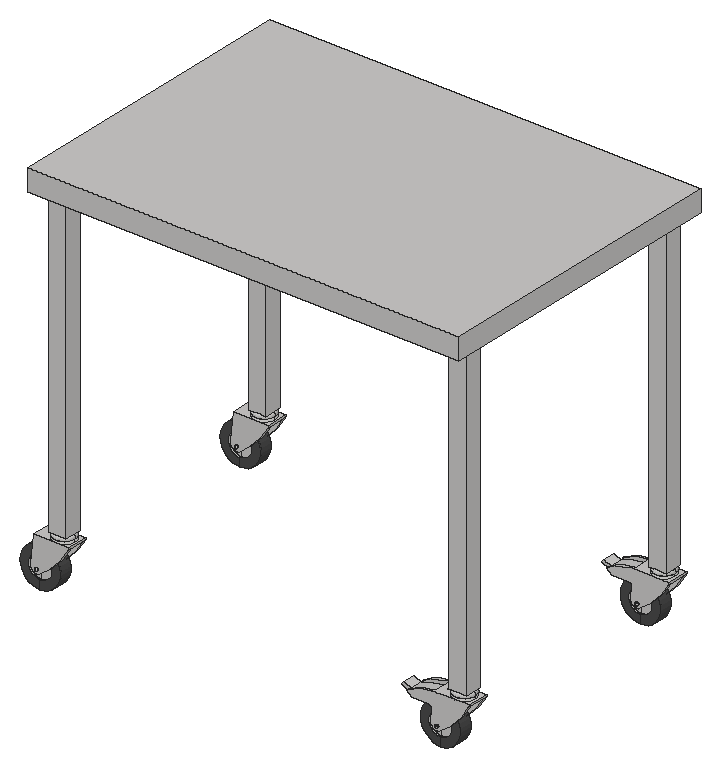
Revit family "QF_ELECTROLUXPROFESSIONAL_133241_TG1000MN", category Attrezzature speciali, Revit 2020
Family settings
  Quota connettore circolare = Usa diametro
  Tipo di parte = Normale
  Basato su piano di lavoro = No
  Sempre verticale = Sì
  Taglio con vuoti quando caricato = No
  Condiviso = No
  Punto di calcolo locali = No
Parameters (values of type "Standard")
  Weight = 35.00 kg
  Watts = 0 W
  Volts = 0 V
  URL Manufacturer = "https://www.electroluxprofessional.com/"
  URL = "https://www.electroluxprofessional.com/"
  Steam Supply Size = 0 mm
  Steam Supply Minimum Pressure = 0.0 Pa
  Steam Supply Maximum Pressure = 0.0 Pa
  Steam Consumption per Hour = 0
  Refrigeration Suction Line Size = 0.0 mm
  Refrigeration Liquid Line Size = 0.0 mm
  Refrigerant Compressor Remote = yes
  Prospetto di default = 0.0 mm
  Produttore = "Electrolux Professional"
  Phase = 0
  Modello = "TG1000MN"
  Length Actual = 1000.0 mm  # constant formula
  Item Number = "133241"
  Hot Water Size = 0 mm
  Height Actual = 900.0 mm  # constant formula
  HP = "0 HP"
  Gas Size = 0 mm
  Gas KW = 0
  Gas Input Pressure = 0 W
  Direct Waste Size = 0 mm
  Descrizione = "WORK TABLE ON WHEELS 1000 MM"
  Depth Actual = 700.0 mm  # constant formula
  Cycle = 0 Hz
  Condensate Return Size = 0 mm
  Compressed Air Volume = 0.0 L/s
  Compressed Air Size = 0 mm
  Compressed Air Pressure = 0.0 Pa
  Cold Water Size = 0 mm
  Accessory = yes
Reference planes
  plane 1 "Center (Front/Back)": y = 0
  plane 2: z = 0
  plane 3 "Center (Left/Right)": x = 100
  plane 4 "LEFT": x = -400
  plane 5 "RIGHT": x = 600
  plane 6 "BACK": y = 350
  plane 7 "FRONT": y = -350
  plane 8 "Base": z = 850
  plane 9 "TOP": z = 900
  plane 10: x = -364.5
  plane 11: x = 564.5
  plane 12: y = 290
  plane 13: y = -290
Forms (mm)
  Extrusion 1, solid, material "QF_Finishes_Stainless Steel"
    sketch origin (0, 0, 900) x (0, 1, 0) y (-1, 0, 0)
      loop
        line (350, 400) -> (-350, 400) -> (-350, -600) -> (350, -600) -> (350, 400)
    from 0 to -50
  Extrusion 2, solid, material "QF_Finishes_Stainless Steel"
    sketch origin (100, 0, 0) x (0, 1, 0) y (0, 0, 1)
      loop
        line (350, 900) -> (-350, 900) -> (-350, 850) -> (350, 850) -> (350, 900)
    from 500 to -500
Lines and regions (mm)
  symbolic lines
    curve 1: line (600, 350, 900) -> (-400, 350, 900)
    curve 2: line (-400, 350, 900) -> (-400, -350, 900)
    curve 3: line (-400, -350, 900) -> (600, -350, 900)
    curve 4: line (600, -350, 900) -> (600, 350, 900)
Dimensions and locks
  plane 4 "LEFT" to plane 5 "RIGHT" = 1000.0 mm
  equal spacing: plane 4 "LEFT", plane 3 "Center (Left/Right)", plane 5 "RIGHT"
  equal spacing: plane 6 "BACK", plane 1 "Center (Front/Back)", plane 7 "FRONT"
  plane 6 "BACK" to plane 7 "FRONT" = 700.0 mm
  plane 8 "Base" to level = 850.0 mm
  plane 9 "TOP" to level = 900.0 mm
  plane 6 "BACK" to plane 12 = 60.0 mm
  plane 13 to plane 7 "FRONT" = 60.0 mm
  plane 4 "LEFT" to plane 10 = 35.5 mm
  plane 11 to plane 5 "RIGHT" = 35.5 mm
  plane 10 to plane 11 = 929.0 mm
  plane 12 to plane 13 = 580.0 mm
  aligned and locked: level to plane 2
  aligned and locked: plane 10 to nested 1
  aligned and locked: nested 1 to plane 13
  aligned and locked: plane 11 to nested 2
  aligned and locked: nested 2 to plane 13
  aligned and locked: plane 11 to nested 4
  aligned and locked: nested 4 to plane 12
  aligned and locked: plane 10 to nested 3
  aligned and locked: nested 3 to plane 12
  aligned and locked: Extrusion 1 sketch curve to plane 6 "BACK"
  aligned and locked: Extrusion 1 sketch curve to plane 4 "LEFT"
  aligned and locked: Extrusion 1 sketch curve to plane 7 "FRONT"
  aligned and locked: Extrusion 1 sketch curve to plane 5 "RIGHT"
  aligned and locked: plane 12 to nested 6
  aligned and locked: plane 11 to nested 6
  aligned and locked: plane 13 to nested 5
  aligned and locked: plane 10 to nested 5
  aligned and locked: plane 12 to nested 7
  aligned and locked: plane 10 to nested 7
  aligned and locked: plane 11 to nested 8
  aligned and locked: plane 13 to nested 8
  aligned and locked: Extrusion 2 sketch curve to plane 6 "BACK"
  aligned and locked: Extrusion 2 sketch curve to plane 9 "TOP"
  aligned and locked: plane 8 "Base" to Extrusion 2 sketch curve
  aligned and locked: plane 7 "FRONT" to Extrusion 2 sketch curve
  aligned and locked: Extrusion 2 to plane 4 "LEFT"
  aligned and locked: plane 5 "RIGHT" to Extrusion 2
  aligned and locked: plane 6 "BACK" to Extrusion 2
  aligned and locked: Extrusion 2 to plane 7 "FRONT"
Automatic sketch dimensions
  curve 2 to plane 4 "LEFT" = 0.0 mm
  curve 2 to plane 7 "FRONT" = 0.0 mm
  curve 2 to plane 6 "BACK" = 0.0 mm
  curve 1 to plane 5 "RIGHT" = 0.0 mm
Nested families
  nested 1: "FEET_40x40_WHEEL" at (-364.5, -290, 0), type "FEET_40x40_WHEEL"
  nested 2: "FEET_40x40_WHEEL" at (564.5, -290, 0), type "FEET_40x40_WHEEL"
  nested 3: "FEET_40x40_WHEEL" at (-364.5, 290, 0), type "FEET_40x40_WHEEL"
  nested 4: "FEET_40x40_WHEEL" at (564.5, 290, 0), type "FEET_40x40_WHEEL"
  nested 5: "WHEEL130" at (-364.5, -190.35, 0), type "WHEEL130"
    with Type Mark "", Status "", Specification by User "", Revision Code "", Installed By "", Identify Quantity as Lot yes, Furnished By "", Foodservice Equipment Identifier yes
  nested 6: "WHEEL130_LOCKED" at (564.5, 389.65, 0), type "WHEEL130_LOCKED"
    with Type Mark "", Status "", Specification by User "", Revision Code "", Installed By "", Identify Quantity as Lot yes, Furnished By "", Foodservice Equipment Identifier yes
  nested 7: "WHEEL130" at (-364.5, 389.65, 0), type "WHEEL130"
    with Type Mark "", Status "", Specification by User "", Revision Code "", Installed By "", Identify Quantity as Lot yes, Furnished By "", Foodservice Equipment Identifier yes
  nested 8: "WHEEL130_LOCKED" at (564.5, -190.35, 0), type "WHEEL130_LOCKED"
    with Type Mark "", Status "", Specification by User "", Revision Code "", Installed By "", Identify Quantity as Lot yes, Furnished By "", Foodservice Equipment Identifier yes
Definition of nested family "FEET_40x40_WHEEL"
  Parameters
    Default Elevation = 0.0 mm
    FEET = 850.0 mm
  Reference planes
    plane 1 "Center (Front/Back)": y = 0
    plane 2: z = 0
    plane 3 "Center (Left/Right)": x = 0
    plane 4: z = 850
  Forms (mm)
    Extrusion 1, solid
      sketch origin (0, 0, 0) x (1, 0, 0) y (0, 1, 0)
        loop
          line (-20, -20) -> (20, -20) -> (20, 20) -> (-20, 20) -> (-20, -20)
      from 130 to 845
    Extrusion 2, solid
      sketch origin (0, 0, 0) x (1, 0, 0) y (0, 1, 0)
        loop
          line (30, 30) -> (-30, 30) -> (-30, -30) -> (30, -30) -> (30, 30)
      from 845 to 850
  Lines and regions (mm)
    symbolic lines
      curve 1: line (0, -1.503, 0) -> (0, 1.508, 0)
      curve 2: line (1.561, 0, 0) -> (-1.439, 0, 0)
  Dimensions and locks
    "FEET": plane 4 to plane 2
    aligned and locked: level to plane 2
  Automatic sketch dimensions
    Extrusion 1 sketch curve to plane 3 "Center (Left/Right)" = 20.0 mm
    plane 3 "Center (Left/Right)" to Extrusion 1 sketch curve = 20.0 mm
    plane 1 "Center (Front/Back)" to Extrusion 1 sketch curve = 20.0 mm
    Extrusion 1 sketch curve to plane 1 "Center (Front/Back)" = 20.0 mm
    plane 3 "Center (Left/Right)" to Extrusion 2 sketch curve = 30.0 mm
    Extrusion 2 sketch curve to plane 1 "Center (Front/Back)" = 30.0 mm
    Extrusion 2 sketch curve to plane 3 "Center (Left/Right)" = 30.0 mm
    plane 1 "Center (Front/Back)" to Extrusion 2 sketch curve = 30.0 mm
    plane 1 "Center (Front/Back)" to curve 2 = 0.0 mm
    curve 1 to plane 3 "Center (Left/Right)" = 0.0 mm
    curve 2 to plane 3 "Center (Left/Right)" = 1.439 mm
    plane 3 "Center (Left/Right)" to curve 2 = 1.561 mm
    plane 1 "Center (Front/Back)" to curve 1 = 1.503 mm
    curve 1 to plane 1 "Center (Front/Back)" = 1.508 mm
Definition of nested family "WHEEL130"
  Parameters
    Weight = ""
    URL Manufacturer = ""
    URL Cutsheet = ""
    URL = ""
    Type Mark [instance] = ""
    Status [instance] = ""
    Specification by User [instance] = ""
    Specification by Manufacturer = ""
    Serial Number = ""
    Seismic Rating = ""
    SMACNA No = ""
    Revision Code [instance] = ""
    Default Elevation = 0.0 mm
    Omniclass Number and Title = ""
    NAFEM Spec ID Number = ""
    Model = ""
    MasterSpec. = ""
    Manufacturer = ""
    Installed By [instance] = ""
    Identify Quantity as Lot [instance] = yes
    Furnished By [instance] = ""
    Foodservice Equipment Identifier [instance] = yes
    Description = ""
    CSI MasterFormat = ""
    CSI Master Format = ""
    Assembly Code = ""
  Reference planes
    plane 1: z = 0
    plane 2 "Center (Front/Back)": y = -99.65
    plane 3 "Center (Left/Right)": x = 0
    plane 4 "TOP": z = 130
    plane 5 "Center X Caster": x = -44
  Forms (mm)
    Revolve 1, solid
      sketch origin (-44, -53.609, -25.504) x (0, -1, 0) y (0, 0, 1)
        loop
          line (26.04, 72.523) -> (26.04, 66.136) -> (35.372, 66.136) -> (35.372, 45.418) -> (31.533, 45.418) -> (31.533, 25.504) -> (60.548, 25.504) -> (60.548, 45.418) -> (56.709, 45.418) -> (56.709, 66.136) -> (66.04, 66.136) -> (66.04, 72.523) -> (26.04, 72.523)
        loop
          line (71.04, 69.259) -> (72.755, 69.259) -> (74.056, 70.56) -> (74.056, 72.523) -> (71.04, 72.523) -> (71.04, 69.259)
        loop
          line (21.099, 69.259) -> (21.099, 72.523) -> (18.053, 72.523) -> (18.053, 70.56) -> (19.353, 69.259) -> (21.099, 69.259)
        axis (18.053, 72.523) -> (74.056, 72.523)
      angle from 0 to 360
    Extrusion 2, solid
      sketch origin (0, -99.65, 0) x (-1, 0, 0) y (0, 0, 1)
        loop
          line (51.098, 117.019) -> (-30.875, 117.019) -> (-30.453, 113.093)
          arc (-30.453, 113.093) -> (-1.61, 71.515) -> (37.622, 39.556) r 180.858
          arc (37.622, 39.556) -> (51.933, 40.484) -> (57.92, 53.515) r 14
          line (57.92, 53.515) -> (51.098, 117.019)
        loop
          circle (44, 47.019) r 3.264
      from -20 to -25
    Extrusion 3, solid
      sketch origin (0, -99.65, 0) x (-1, 0, 0) y (0, 0, 1)
        loop
          line (51.098, 117.019) -> (-30.875, 117.019) -> (-30.453, 113.093)
          arc (-30.453, 113.093) -> (-1.61, 71.515) -> (37.622, 39.556) r 180.858
          arc (37.622, 39.556) -> (51.933, 40.484) -> (57.92, 53.515) r 14
          line (57.92, 53.515) -> (51.098, 117.019)
        loop
          circle (44, 47.019) r 3.264
      from 20 to 25
    Revolve 4, solid
      sketch origin (0, -99.65, 0) x (-1, 0, 0) y (0, 0, 1)
        loop
          line (0, 130) -> (-20, 130)
          arc (-20, 130) -> (-23.905, 128.171) -> (-25, 124) r 5.083
          line (-25, 124) -> (-22.422, 124) -> (-22.422, 121.88) -> (-24.688, 117.019) -> (0, 117.019) -> (0, 130)
        axis (0, 130) -> (0, 117.019)
      angle from 0 to 360
    Extrusion 5, solid
      sketch origin (0, -99.65, 0) x (-1, 0, 0) y (0, 0, 1)
        loop
          line (-30.875, 117.019) -> (-30.453, 113.093) -> (51.519, 113.093) -> (51.098, 117.019) -> (-30.875, 117.019)
      from -20 to 20
  Cuts and joins
    joined: Extrusion 2, Extrusion 3, Extrusion 5
  Lines and regions (mm)
    symbolic lines
      curve 1: line (-10, -99.65, 0) -> (10, -99.65, 0)
      curve 2: line (0, -108.445, 0) -> (0, -90.405, 0)
  Dimensions and locks
    plane 4 "TOP" to level = 130.0 mm  (x3)
    aligned and locked: level to plane 1
Definition of nested family "WHEEL130_LOCKED"
  Parameters
    Weight = ""
    URL Manufacturer = ""
    URL Cutsheet = ""
    URL = ""
    Type Mark [instance] = ""
    Status [instance] = ""
    Specification by User [instance] = ""
    Specification by Manufacturer = ""
    Serial Number = ""
    Seismic Rating = ""
    SMACNA No = ""
    Revision Code [instance] = ""
    Default Elevation = 0.0 mm
    Omniclass Number and Title = ""
    NAFEM Spec ID Number = ""
    Model = ""
    MasterSpec. = ""
    Manufacturer = ""
    Installed By [instance] = ""
    Identify Quantity as Lot [instance] = yes
    Furnished By [instance] = ""
    Foodservice Equipment Identifier [instance] = yes
    Description = ""
    CSI MasterFormat = ""
    CSI Master Format = ""
    Assembly Code = ""
  Reference planes
    plane 1: z = 0
    plane 2 "Center (Front/Back)": y = -99.65
    plane 3 "Center (Left/Right)": x = 0
    plane 4 "TOP": z = 130
    plane 5 "Center X Caster": x = -44
  Forms (mm)
    Revolve 1, solid
      sketch origin (-44, -53.609, -25.504) x (0, -1, 0) y (0, 0, 1)
        loop
          line (26.04, 72.523) -> (26.04, 66.136) -> (35.372, 66.136) -> (35.372, 45.418) -> (31.533, 45.418) -> (31.533, 25.504) -> (60.548, 25.504) -> (60.548, 45.418) -> (56.709, 45.418) -> (56.709, 66.136) -> (66.04, 66.136) -> (66.04, 72.523) -> (26.04, 72.523)
        loop
          line (71.04, 69.259) -> (72.755, 69.259) -> (74.056, 70.56) -> (74.056, 72.523) -> (71.04, 72.523) -> (71.04, 69.259)
        loop
          line (21.099, 69.259) -> (21.099, 72.523) -> (18.053, 72.523) -> (18.053, 70.56) -> (19.353, 69.259) -> (21.099, 69.259)
        axis (18.053, 72.523) -> (74.056, 72.523)
      angle from 0 to 360
    Extrusion 2, solid
      sketch origin (0, -99.65, 0) x (-1, 0, 0) y (0, 0, 1)
        loop
          line (56.125, 117.019) -> (-30.875, 117.019) -> (-30.453, 113.093)
          arc (-30.453, 113.093) -> (-1.61, 71.515) -> (37.622, 39.556) r 180.858
          arc (37.622, 39.556) -> (51.933, 40.484) -> (57.92, 53.515) r 14
          line (57.92, 53.515) -> (55.234, 78.516)
          arc (55.234, 78.516) -> (57.071, 84.203) -> (62.528, 86.637) r 7.337
          line (62.528, 86.637) -> (102.952, 86.637) -> (113.559, 97.243)
          arc (113.559, 97.243) -> (85.909, 110.231) -> (56.125, 117.019) r 142.32
        loop
          circle (44, 47.019) r 3.264
      from -20 to -25
    Extrusion 3, solid
      sketch origin (0, -99.65, 0) x (-1, 0, 0) y (0, 0, 1)
        loop
          line (56.125, 117.019) -> (-30.875, 117.019) -> (-30.453, 113.093)
          arc (-30.453, 113.093) -> (-1.61, 71.515) -> (37.622, 39.556) r 180.858
          arc (37.622, 39.556) -> (51.933, 40.484) -> (57.92, 53.515) r 14
          line (57.92, 53.515) -> (55.234, 78.516)
          arc (55.234, 78.516) -> (57.071, 84.203) -> (62.528, 86.637) r 7.337
          line (62.528, 86.637) -> (102.952, 86.637) -> (113.559, 97.243)
          arc (113.559, 97.243) -> (85.909, 110.231) -> (56.125, 117.019) r 142.32
        loop
          circle (44, 47.019) r 3.264
      from 20 to 25
    Extrusion 4, solid
      sketch origin (0, -99.65, 0) x (-1, 0, 0) y (0, 0, 1)
        loop
          line (133.012, 98.841) -> (130.309, 103.34) -> (113.559, 97.243)
          arc (113.559, 97.243) -> (84.897, 105.851) -> (55.427, 111.06) r 256.377
          line (55.427, 111.06) -> (44.82, 111.06)
          arc (44.82, 111.06) -> (37.781, 106.584) -> (38.85, 98.311) r 7.772
          line (38.85, 98.311) -> (105.452, 92.484) -> (114.112, 87.484) -> (133.012, 98.841)
        loop
          circle (44, 105.324) r 3.494
      from -14.507 to 14.507
    Extrusion 5, solid
      sketch origin (0, -99.65, 0) x (-1, 0, 0) y (0, 0, 1)
        loop
          circle (44, 105.324) r 3.494
      from -20 to 20
    Revolve 6, solid
      sketch origin (0, -99.65, 0) x (-1, 0, 0) y (0, 0, 1)
        loop
          line (0, 130) -> (-20, 130)
          arc (-20, 130) -> (-23.905, 128.171) -> (-25, 124) r 5.083
          line (-25, 124) -> (-22.422, 124) -> (-22.422, 121.88) -> (-24.688, 117.019) -> (0, 117.019) -> (0, 130)
        axis (0, 130) -> (0, 117.019)
      angle from 0 to 360
    Extrusion 7, solid
      sketch origin (0, -99.65, 0) x (-1, 0, 0) y (0, 0, 1)
        loop
          line (-30.875, 117.019) -> (-30.453, 113.093) -> (51.519, 113.093) -> (51.098, 117.019) -> (-30.875, 117.019)
      from -20 to 20
  Cuts and joins
    joined: Extrusion 2, Extrusion 3, Extrusion 7
  Lines and regions (mm)
    symbolic lines
      curve 1: line (11.908, -99.65, 0) -> (-11.403, -99.65, 0)
      curve 2: line (0, -111.652, 0) -> (0, -88.928, 0)
  Dimensions and locks
    plane 4 "TOP" to level = 130.0 mm  (x3)
    aligned and locked: level to plane 1
